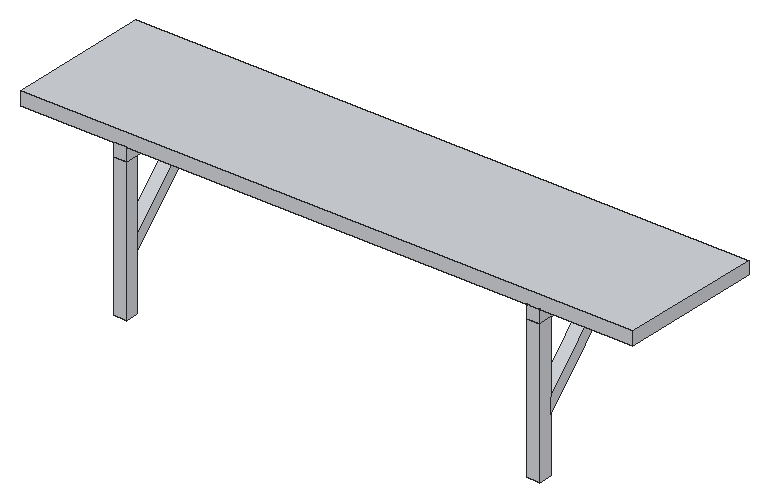
Revit family "Ikea_Wall_Shelf_15373", category Сантехнические приборы, Revit 2017
Family settings
  Размер круглого соединителя = Использовать диаметр
  Тип детали = Нормальный
  Номер OmniClass = 23.45.00.00
  Заголовок OmniClass = Sanitary, Laundry, and Cleaning Equipment
  На основе рабочей плоскости = Нет
  Всегда вертикально = Да
  При загрузке вырезать с полостями = Нет
  Общий = Нет
  Точка расчета площади = Нет
Reference planes (in)
  plane 1 "Center (Front/Back)": y = 0
  plane 2: z = 0
  plane 3 "Center (Left/Right)": x = 0
Forms (in)
  Extrusion 1, solid
    sketch origin (-0.875, 0, 0) x (1, 0, 0) y (0, 1, 0)
      loop
        line (-23, 0) -> (23.88231, 0) -> (23.88231, 11) -> (-23, 11) -> (-23, 0)
    from 0 to 1
  Extrusion 2, solid
    sketch origin (-2.03363, 0, 0) x (1, 0, 0) y (0, 1, 0)
      loop
        line (-14.70906, 0) -> (-13.70906, 0) -> (-13.70906, 1) -> (-14.70906, 1) -> (-14.70906, 0)
    from -11.875 to -1
  Extrusion 3, solid
    sketch origin (0, 0, 0) x (1, 0, 0) y (0, 1, 0)
      loop
        line (-16.74269, 0) -> (-15.74269, 0) -> (-15.74269, 11) -> (-16.74269, 11) -> (-16.74269, 0)
    from 0 to -1
  Extrusion 4, solid
    sketch origin (0, -0.5, 0.45942) x (0, 1, 0) y (0, 0, 1)
      loop
        line (1.5, -8.07494) -> (8.07494, -1.5) -> (6.90851, -1.5) -> (1.5, -6.90851) -> (1.5, -8.07494)
    from -16.74269 to -15.74269
  Extrusion 5, solid
    sketch origin (1.16594, 0, 0) x (-1, 0, 0) y (0, -1, 0)
      loop
        line (-14.70906, 0) -> (-14.70906, -1) -> (-13.70906, -1) -> (-13.70906, 0) -> (-14.70906, 0)
    from -11.875 to -1
  Extrusion 6, solid
    sketch origin (-0.86769, 0, 0) x (-1, 0, 0) y (0, -1, 0)
      loop
        line (-16.74269, 0) -> (-16.74269, -11) -> (-15.74269, -11) -> (-15.74269, 0) -> (-16.74269, 0)
    from 0 to -1
  Extrusion 7, solid
    sketch origin (-0.86769, -0.5, 0.45942) x (0, 1, 0) y (0, 0, -1)
      loop
        line (1.5, 8.07494) -> (1.5, 6.90851) -> (6.90851, 1.5) -> (8.07494, 1.5) -> (1.5, 8.07494)
    from -16.74269 to -15.74269
Dimensions and locks (in)
  aligned and locked: level to plane 2
